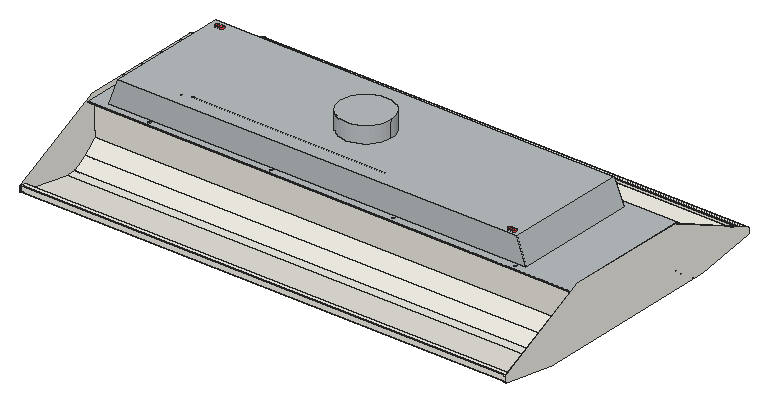
Revit family "NLRS_57_AIR_UN_induction-unit-oknv450_LT_sacs", category Mechanical Equipment, Revit 2020
Family settings
  Round Connector Dimension = Use Diameter
  Classification = None
  Part Type = Normal
  OmniClass Number = 23.75.00.00
  OmniClass Title = Climate Control (HVAC)
  Work Plane-Based = No
  Always vertical = Yes
  Cut with Voids When Loaded = No
  Shared = No
  Room Calculation Point = No
Parameters (values of type "450-1200")
  Type Comments = "Do not mirror the model!"  # constant formula
  SACS_Type_Mark [instance] = ""
  SACS_Standard_Color [instance] = yes
  SACS_Real_Width = 745.00 mm  # constant formula
  SACS_Real_Length [instance] = if(Requested length < SACS_Length_X2, SACS_Length_X2, if(Requested length > 2995.00 mm, 2995.00 mm, Requested length))  # 1195.00 mm
  SACS_Plenum_Offset = 555.00 mm
  SACS_Plenum_Material = Sendzimir verzinkt
  SACS_Plenum_L = 980.00 mm
  SACS_Option_4 [instance] = if([Flow configuration (1-3)] < 2, "2-sided", if([Flow configuration (1-3)] = 2, "1-sided left", "1-sided right"))  # "2-sided"
  SACS_Option_2 [instance] = if(Extravent, "AD", if([Nozzle plate type (1-7)] < 2, "A1", if([Nozzle plate type (1-7)] = 2, "A2", if([Nozzle plate type (1-7)] = 3, "B1", if([Nozzle plate type (1-7)] = 4, "B2", if([Nozzle plate type (1-7)] = 5, "B3", if([Nozzle plate type (1-7)] = 6, "C1", "C2")))))))  # "A1"
  SACS_Offset2 = 35.00 mm  # constant formula
  SACS_Offset1 = if(SACS_Base_Index > 2, 55.00 mm, 35.00 mm)  # 35.00 mm
  SACS_Model [instance] = size_lookup(SACS_Data_Hidden, "Model", "NB", SACS_Base_Index * 1.00 mm, SACS_Index1, SACS_Index2, SACS_Index3, SACS_Index4, SACS_Real_Width, SACS_Index5, SACS_Index6)  # "OKNV 450/1200 A1K2 TO32 OOO 745x1195 RAL9010-55"
  SACS_Length_X2 = 1090.00 mm
  SACS_Length_X [instance] = if(or(SACS_Base_Index = 1, and(not(Extravent), SACS_Base_Index < 4)), 225.00 mm, 300.00 mm)  # 225.00 mm
  SACS_Length_STD = 1195.00 mm
  SACS_Index6 [instance] = if(SACS_Standard_Color, 1.00 mm, 0.00 mm)  # 1.00 mm
  SACS_Index5 [instance] = if(SACS_Real_Length = SACS_Length_STD, SACS_Length_STD, 0.00 mm)  # 1195.00 mm
  SACS_Index4 [instance] = if([Plenum type (1-3)] < 2, 1.00 mm, if([Plenum type (1-3)] = 2, 2.00 mm, 3.00 mm))  # 1.00 mm
  SACS_Index3 [instance] = if([Flow configuration (1-3)] < 2, 1.00 mm, if([Flow configuration (1-3)] = 2, 2.00 mm, 3.00 mm))  # 1.00 mm
  SACS_Index2 [instance] = if([Heat exchanger type (1-3)] < 2, 1.00 mm, if([Heat exchanger type (1-3)] = 2, 2.00 mm, 3.00 mm))  # 1.00 mm
  SACS_Index1 [instance] = if(Extravent, 0.00 mm, if([Nozzle plate type (1-7)] < 2, 1.00 mm, if([Nozzle plate type (1-7)] > 6, 7.00 mm, [Nozzle plate type (1-7)] * 1.00 mm)))  # 1.00 mm
  SACS_Height2 [instance] = if(Extravent, 80.00 mm, 60.00 mm)  # 60.00 mm
  SACS_Height1 [instance] = if(or(and(not(Extravent), SACS_Base_Index < 4), SACS_Base_Index = 1), 265.00 mm, if(SACS_Base_Index = 5, 340.00 mm, 300.00 mm))  # 265.00 mm
  SACS_Flange_Color [instance] = RAL9010
  SACS_Face_Color [instance] = RAL9010 Perforated
  SACS_Data_Hidden [instance] = if(Extravent, "OKNV_450_Extravent", "OKNV_450_Fixed")  # "OKNV_450_Fixed"
  SACS_Custom_Color [instance] = ""
  SACS_Connector_Base_Rotation [instance] = if([Plenum type (1-3)] < 2, 90.00°, if([Plenum type (1-3)] = 2, 180.00°, 0.00°))  # 90.00°
  SACS_Connecter_Height_Offset [instance] = if([Plenum type (1-3)] > 1, (SACS_Height1 - SACS_Diameter / 2) - 2.00 mm, SACS_Height2 - 14.00 mm)  # 46.00 mm
  SACS_Color_Ral [instance] = yes
  SACS_Color [instance] = if(SACS_Standard_Color, "Ral 9010-55", SACS_Custom_Color)  # "Ral 9010-55"
  SACS_Base_Index = 1
  SACS_Article_Code [instance] = size_lookup(SACS_Data_Hidden, "", "NB", SACS_Base_Index * 1.00 mm, SACS_Index1, SACS_Index2, SACS_Index3, SACS_Index4, SACS_Real_Width, SACS_Index5, SACS_Index6)  # "NB"
  SA-Select [instance] = "https://selectietool.solid-air.nl/Dashboard/CPMDashPage/Show/6"
  NLRS_P_c04_diameter [instance] = NLRS_P_c03_diameter  # 12.00 mm
  NLRS_P_c03_volumestroom [instance] = 0.0 L/s
  NLRS_P_c03_drukverlies_statisch [instance] = 0.0 Pa
  NLRS_P_c03_diameter [instance] = 12.00 mm  # constant formula
  NLRS_P_c02_diameter [instance] = NLRS_P_c01_diameter  # 12.00 mm
  NLRS_P_c01_volumestroom [instance] = 0.0 L/s
  NLRS_P_c01_drukverlies_statisch [instance] = 0.0 Pa
  NLRS_P_c01_diameter [instance] = if(SACS_Base_Index < 3, 12.00 mm, 15.00 mm)  # 12.00 mm
  NLRS_M_c01_drukverlies_statisch [instance] = 0.0 Pa
  NLRS_M_c01_debiet [instance] = 0.0 L/s
  NLRS_C_model [instance] = SACS_Model  # "OKNV 450/1200 A1K2 TO32 OOO 745x1195 RAL9010-55"
  NLRS_C_materiaal_kleur [instance] = SACS_Color  # "Ral 9010-55"
  NLRS_C_content_versie = "3.20.01"  # constant formula
  NLRS_C_content_provider = "Solid Air Climate Solutions"  # constant formula
  NLRS_C_content_datum_uitgifte = "01-06-2023"  # constant formula
  NLRS_C_content_creator = "J. Feeke"  # constant formula
  Model = "Solid Air Induction Unit OKNV 450"  # constant formula
  Minumum length OKNI [instance] = SACS_Length_X2  # 1090.00 mm
  Manufacturer = "Solid Air Climate Solutions"  # constant formula
  LoadBearing = 1 = 0  # no
  IfcExportType = "DIFFUSER"  # constant formula
  IfcExportAs = "IfcAirTerminalType"  # constant formula
  IfcDescription = Description  # "Free hanging induction unit, Type OKNV 450"
  Heat exchanger type (1-3) [instance] = 1
  Nozzle plate type (1-7) [instance] = 1
  Plenum type (1-3) [instance] = 1
  Flow configuration (1-3) [instance] = 1
  Requested length [instance] = 1195.00 mm
  URL = "https://solid-air.nl/producten/solid-air-inductie-units-okni-450-600/"
  SACS_Option_3 [instance] = if([Heat exchanger type (1-3)] < 2, "K (cooling)", if([Heat exchanger type (1-3)] = 2, "V (cooling & heating)", "O (none)"))  # "K (cooling)"
  SACS_Option_1 [instance] = if(not(Extravent), "Fixed", "Adjustable")  # "Fixed"
  SACS_Diameter [instance] = NLRS_M_c01_diameter - 2.00 mm  # 123.00 mm
  SACS_Connection_Side [instance] = if([Plenum type (1-3)] < 2, "T (top connection)", if([Plenum type (1-3)] = 2, "L (left)", "R (right)"))  # "T (top connection)"
  SACS_Checked_Array_Count [instance] = if(SACS_Real_Length / 300.00 mm < 2, 2, SACS_Real_Length / 300.00 mm)  # 4
  NLRS_M_c01_diameter [instance] = if(SACS_Base_Index = 1, 125.00 mm, if(SACS_Base_Index = 5, 200.00 mm, if(Extravent, 160.00 mm, if(SACS_Base_Index = 4, 160.00 mm, 125.00 mm))))  # 125.00 mm
  FireRating = "00"  # constant formula
  Description = "Free hanging induction unit, Type OKNV 450"  # constant formula
  Nominal width [instance] = SACS_Real_Width + 5.00 mm  # 750.00 mm
  Nominal length [instance] = SACS_Real_Length + 5.00 mm  # 1200.00 mm
  Default Elevation = 0.00 mm
  Assembly Code = "57.00"
  Extravent [instance] = no
Types (6, lengths in mm): name | SACS_Real_Length | SACS_Plenum_Offset | SACS_Plenum_L | SACS_Offset1 | SACS_Model | SACS_Length_X2 | SACS_Length_X | SACS_Length_STD | SACS_Index5 | SACS_Height1 | SACS_Base_Index | SACS_Article_Code | NLRS_P_c02_diameter | NLRS_P_c01_diameter | NLRS_C_model | Minumum length OKNI | Requested length | SACS_Diameter | SACS_Checked_Array_Count | NLRS_M_c01_diameter | Nominal length
  (no name) | 1195.00 | 555.00 | 980.00 | 35.00 | "OKNV 450/1200 A1K2 TO32 OOO 745x1195 RAL9010-55" | 1090.00 | 225.00 | 1195.00 | 1195.00 | 265.00 | 1 | "NB" | 12.00 | 12.00 | "OKNV 450/1200 A1K2 TO32 OOO 745x1195 RAL9010-55" | 1090.00 | 1195.00 | 123.00 | 4 | 125.00 | 1200.00
  450-1200 | 1195.00 | 555.00 | 980.00 | 35.00 | "OKNV 450/1200 A1K2 TO32 OOO 745x1195 RAL9010-55" | 1090.00 | 225.00 | 1195.00 | 1195.00 | 265.00 | 1 | "NB" | 12.00 | 12.00 | "OKNV 450/1200 A1K2 TO32 OOO 745x1195 RAL9010-55" | 1090.00 | 1195.00 | 123.00 | 4 | 125.00 | 1200.00
  450-1500 | 1495.00 | 705.00 | 1280.00 | 35.00 | "OKNV 450/1500 A1K2 TO32 OOO 745x1495 RAL9010-55" | 1390.00 | 225.00 | 1495.00 | 1495.00 | 265.00 | 2 | "NB" | 12.00 | 12.00 | "OKNV 450/1500 A1K2 TO32 OOO 745x1495 RAL9010-55" | 1390.00 | 1495.00 | 123.00 | 5 | 125.00 | 1500.00
  450-1800 | 1795.00 | 840.00 | 1510.00 | 55.00 | "OKNV 450/1800 A1K2 TO32 OOO 745x1795 RAL9010-55" | 1640.00 | 225.00 | 1795.00 | 1795.00 | 265.00 | 3 | "9011000019" | 15.00 | 15.00 | "OKNV 450/1800 A1K2 TO32 OOO 745x1795 RAL9010-55" | 1640.00 | 1795.00 | 123.00 | 6 | 125.00 | 1800.00
  450-2400 | 2395.00 | 1140.00 | 2110.00 | 55.00 | "OKNV 450/2400 A1K2 TO42 OOO 745x2395 RAL9010-55" | 2240.00 | 300.00 | 2395.00 | 2395.00 | 300.00 | 4 | "9011000020" | 15.00 | 15.00 | "OKNV 450/2400 A1K2 TO42 OOO 745x2395 RAL9010-55" | 2240.00 | 2395.00 | 158.00 | 8 | 160.00 | 2400.00
  450-3000 | 2995.00 | 1440.00 | 2710.00 | 55.00 | "OKNV 450/3000 A1K2 TO52 OOO 745x2995 RAL9010-55" | 2840.00 | 300.00 | 2995.00 | 2995.00 | 340.00 | 5 | "9011000018" | 15.00 | 15.00 | "OKNV 450/3000 A1K2 TO52 OOO 745x2995 RAL9010-55" | 2840.00 | 2995.00 | 198.00 | 10 | 200.00 | 3000.00
Reference planes
  plane 1 "Center (Front/Back)": y = 0
  plane 2: z = 0
  plane 3 "Center (Left/Right)": x = 0
  plane 4 "Grid_Length_Left": x = -600
  plane 5 "Grid_Length_Right": x = 600
  plane 6 "Front": y = -372.5
  plane 7 "Line_Offset": z = 46
  plane 8 "Back": y = 372.5
  plane 9: x = -597.5
  plane 10: x = 597.5
  plane 11 "Left Holes": x = -450
  plane 12 "Hole_offset": x = -150
  plane 13 "Center_Plenum_X": x = -45
  plane 14 "Grid_Width_Back": y = 375
  plane 15 "Grid_Width_Front": y = -375
Forms (mm)
  Extrusion 1, solid, material "RAL9010 Perforated" <- "SACS_Face_Color", detail levels medium+fine
    sketch origin (-72.5, 50, 0) x (1, 0, 0) y (0, 1, 0)
      loop
        line (-524, 48.45) -> (-524, -148.45) -> (669, -148.45) -> (669, 48.45) -> (-524, 48.45)
    from 1 to 2
  Extrusion 2, solid, material "Sendzimir verzinkt" <- "SACS_Plenum_Material", detail levels medium+fine
    sketch origin (0, 0, 0) x (1, 0, 0) y (0, 1, 0)
      loop
        line (-596.5, 169.5) -> (-596.5, -169.5) -> (596.5, -169.5) -> (596.5, 169.5) -> (-596.5, 169.5)
    from 135 to 136
  Extrusion 3, solid, material "Copper", detail levels medium+fine
    sketch origin (0, 0, 0) x (1, 0, 0) y (0, 1, 0)
      loop
        circle (-565, 88) r 6
      loop
        circle (-565, 30) r 6
      loop
        circle (-565, -30) r 6
      loop
        circle (-565, -88) r 6
    from 136 to 166
  Sweep 4, solid, material "RAL9010" <- "SACS_Flange_Color", detail levels medium+fine
    path in 3D
      loop
        line (-596.5, 0, 0) -> (596.5, 0, 0)
    profile "profile Oknv_Side 450 : profile oknv_Side 450" origin (0, 0, 0) x (0, 1, 0) y (0, 0, 1)
      loop
        line (232.581, 0) -> (371.054, 24.417)
        arc (371.054, 24.417) -> (372.091, 25.015) -> (372.5, 26.14) r 1.75
        line (372.5, 26.14) -> (372.5, 38.55)
        arc (372.5, 38.55) -> (371.987, 39.787) -> (370.75, 40.3) r 1.75
        line (370.75, 40.3) -> (362.5, 40.3) -> (362.5, 39.3) -> (370.75, 39.3)
        arc (370.75, 39.3) -> (371.28, 39.08) -> (371.5, 38.55) r 0.75
        line (371.5, 38.55) -> (371.5, 26.14)
        arc (371.5, 26.14) -> (371.325, 25.658) -> (370.88, 25.401) r 0.75
        line (370.88, 25.401) -> (232.139, 0.937) -> (208.005, 0.937) -> (175.926, 20.088) -> (145.5, 47) -> (149.5, 133.991) -> (169.5, 133.991) -> (169.5, 135) -> (148.545, 135) -> (144.479, 46.568) -> (175.333, 19.277) -> (207.624, 0) -> (232.581, 0)
      loop
        line (98.45, 0.7) -> (152.05, 0.7)
        arc (152.05, 0.7) -> (153.982, 2.182) -> (153.051, 4.432) r 2
        line (153.051, 4.432) -> (117.75, 24.834)
        arc (117.75, 24.834) -> (117.384, 25.2) -> (117.25, 25.7) r 1
        line (117.25, 25.7) -> (117.25, 68.25) -> (116.25, 68.25) -> (116.25, 25.7)
        arc (116.25, 25.7) -> (116.518, 24.7) -> (117.249, 23.968) r 2
        line (117.249, 23.968) -> (152.55, 3.566)
        arc (152.55, 3.566) -> (153.016, 2.441) -> (152.05, 1.7) r 1
        line (152.05, 1.7) -> (98.45, 1.7) -> (98.45, 0.7)
      loop
        line (-98.45, 0.7) -> (-98.45, 1.7) -> (-151.767, 1.7)
        arc (-151.767, 1.7) -> (-152.733, 2.441) -> (-152.268, 3.566) r 1
        line (-152.268, 3.566) -> (-117.249, 23.968)
        arc (-117.249, 23.968) -> (-116.518, 24.7) -> (-116.25, 25.7) r 2
        line (-116.25, 25.7) -> (-116.25, 68.25) -> (-117.25, 68.25) -> (-117.25, 25.7)
        arc (-117.25, 25.7) -> (-117.384, 25.2) -> (-117.75, 24.834) r 1
        line (-117.75, 24.834) -> (-152.768, 4.432)
        arc (-152.768, 4.432) -> (-153.699, 2.182) -> (-151.767, 0.7) r 2
        line (-151.767, 0.7) -> (-98.45, 0.7)
      loop
        line (-232.581, 0) -> (-207.624, 0) -> (-175.333, 19.277) -> (-144.479, 46.568) -> (-148.545, 135) -> (-169.5, 135) -> (-169.5, 133.991) -> (-149.5, 133.991) -> (-145.5, 47) -> (-175.926, 20.088) -> (-208.005, 0.937) -> (-232.139, 0.937) -> (-370.88, 25.401)
        arc (-370.88, 25.401) -> (-371.325, 25.658) -> (-371.5, 26.14) r 0.75
        line (-371.5, 26.14) -> (-371.5, 38.55)
        arc (-371.5, 38.55) -> (-371.28, 39.08) -> (-370.75, 39.3) r 0.75
        line (-370.75, 39.3) -> (-362.5, 39.3) -> (-362.5, 40.3) -> (-370.75, 40.3)
        arc (-370.75, 40.3) -> (-371.987, 39.787) -> (-372.5, 38.55) r 1.75
        line (-372.5, 38.55) -> (-372.5, 26.14)
        arc (-372.5, 26.14) -> (-372.091, 25.015) -> (-371.054, 24.417) r 1.75
        line (-371.054, 24.417) -> (-232.581, 0)
  Extrusion 5, solid, material "Sendzimir verzinkt" <- "SACS_Plenum_Material", detail levels medium+fine
    sketch origin (-45, 0, 196) x (1, 0, 0) y (0, 1, 0)
      loop
        circle (0, 0.066) r 61.5
    from 0 to 40
Lines and regions (mm)
  model lines, style "MechanicalEquipmentHiddenLines", not visible
    curve 1: line (-596.5, 0, 0) -> (596.5, 0, 0)
  sketch lines
    curve 2: line (-596.5, 0, 0) -> (596.5, 0, 0)
  reference lines
    curve 3: line (-45, 0, 46) -> (-45, 0, 196)
Dimensions and locks
  "SACS_Connecter_Height_Offset": plane 7 "Line_Offset" to level
  equal spacing: Extrusion 3 sketch curve, plane 1 "Center (Front/Back)", Extrusion 3 sketch curve  (x2)
  locked: Extrusion 3 sketch curve to Extrusion 3 sketch curve at 60
  "SACS_Offset1": plane 4 "Grid_Length_Left" to Extrusion 3 sketch curve  (x2)
  locked: Extrusion 3 sketch curve to Extrusion 3 sketch curve at 176
  plane 1 "Center (Front/Back)" to Extrusion 1 sketch curve = 98.45 mm  (x2)
  locked: Extrusion 1 sketch curve to plane 5 "Grid_Length_Right" at 3.5
  locked: plane 4 "Grid_Length_Left" to Extrusion 1 sketch curve at 3.5
  equal spacing: plane 4 "Grid_Length_Left", plane 3 "Center (Left/Right)", plane 5 "Grid_Length_Right"
  "Nominal length": plane 4 "Grid_Length_Left" to plane 5 "Grid_Length_Right"
  locked: plane 4 "Grid_Length_Left" to plane 11 "Left Holes" at 150
  locked: plane 11 "Left Holes" to plane 12 "Hole_offset" at 300
  equal spacing: group 1, group 2, group 3, group 4  (x3)
  "SACS_Offset2": plane 4 "Grid_Length_Left" to Extrusion 3 sketch curve  (x2)
  locked: plane 4 "Grid_Length_Left" to plane 9 at 2.5
  locked: plane 10 to plane 5 "Grid_Length_Right" at 2.5
  Extrusion 2 sketch curve to plane 1 "Center (Front/Back)" to Extrusion 2 sketch curve = 169.50 mm locked, 169.50 mm locked
  locked: curve 1 to plane 5 "Grid_Length_Right" at 3.5
  locked: curve 1 to plane 4 "Grid_Length_Left" at 3.5
  "SACS_Plenum_Offset": plane 4 "Grid_Length_Left" to plane 13 "Center_Plenum_X"
  locked: curve 3 to curve 3 at 150
  locked: curve 3 to plane 7 "Line_Offset"
  locked: curve 3 to plane 1 "Center (Front/Back)"
  nested 7 to level = 196.00 mm
  equal spacing: plane 14 "Grid_Width_Back", plane 1 "Center (Front/Back)", plane 15 "Grid_Width_Front"
  "Nominal width": plane 14 "Grid_Width_Back" to plane 15 "Grid_Width_Front"
  locked: plane 14 "Grid_Width_Back" to plane 8 "Back" at 2.5
  locked: plane 6 "Front" to plane 15 "Grid_Width_Front" at 2.5
  locked: Extrusion 2 sketch curve to plane 4 "Grid_Length_Left" at 3.5
  locked: Extrusion 2 sketch curve to plane 5 "Grid_Length_Right" at 3.5
  "NLRS_P_c01_diameter": diameter of Extrusion 3 sketch curve  (x2)
  "NLRS_P_c03_diameter": diameter of Extrusion 3 sketch curve  (x2)
  "SACS_Diameter": diameter of Extrusion 5 sketch curve
  "SACS_Connector_Base_Rotation": angle curve 3 to plane 7 "Line_Offset"
  aligned and locked: level to plane 2
  aligned and locked: plane 11 "Left Holes" to nested 1
  aligned and locked: plane 12 "Hole_offset" to nested 2
  aligned and locked: plane 13 "Center_Plenum_X" to nested 7
  aligned and locked: plane 1 "Center (Front/Back)" to nested 7
  aligned and locked: plane 3 "Center (Left/Right)" to nested 8
  aligned and locked: nested 8 to plane 1 "Center (Front/Back)"
  aligned and locked: nested 5 to plane 1 "Center (Front/Back)"
  aligned and locked: nested 5 to plane 9
  aligned and locked: plane 1 "Center (Front/Back)" to nested 6
  aligned and locked: plane 10 to nested 6
Automatic sketch dimensions
  plane 1 "Center (Front/Back)" to curve 1 = 0.00 mm
  Extrusion 5 sketch curve to plane 13 "Center_Plenum_X" = 0.00 mm
  Extrusion 5 sketch curve to plane 1 "Center (Front/Back)" = 0.066 mm
Nested families
  nested 1: "Okni_hanger_holes 450" at (-450, 0, 136), type "Okni_hanger_holes"
    with Thickness 2.00 mm, Hole_R 3.00 mm, Distance 319.00 mm
  nested 2: "Okni_hanger_holes 450" at (-150, 0, 136), type "Okni_hanger_holes"
    with Thickness 2.00 mm, Hole_R 3.00 mm, Distance 319.00 mm
  nested 3: "Okni_hanger_holes 450" at (150, 0, 136), type "Okni_hanger_holes"
    with Thickness 2.00 mm, Hole_R 3.00 mm, Distance 319.00 mm
  nested 4: "Okni_hanger_holes 450" at (450, 0, 136), type "Okni_hanger_holes"
    with Thickness 2.00 mm, Hole_R 3.00 mm, Distance 319.00 mm
  nested 5: "Oknv_Sideplate 450" at (-596.5, 0, 0) x (-1, 0, 0) z (0, 0, 1), type "Oknv_Sideplate 450", detail levels medium+fine
  nested 6: "Oknv_Sideplate 450" at (596.5, 0, 0), type "Oknv_Sideplate 450", detail levels medium+fine
  nested 7: "Okni Plenum" at (-45, 0, 136), type "Okni_Plenum", detail levels medium+fine
  nested 8: "Supply_Arrows_OKNI" at (0, 0, 0) x (0, 1, 0) z (0, 0, 1), type "Supply_Arrows_OKNI"
    with Width 745.00 mm
Connectors
  hvac at (-45, 0.066, 196), driven by "NLRS_M_c01_diameter", driven by "NLRS_M_c01_drukverlies_statisch", driven by "NLRS_M_c01_debiet"
    settings: on Extrusion 5, index 1, duct flow 0.0 L/s, flow factor 0, pres drop 0.0 Pa, loss coef 0, conn angle 0.00°, conn width 304.8 mm, conn height 304.8 mm, conn diameter 125 mm, duct sys type 1, conn prof type 0, flow config 1, flow direction 1, loss method 4, conn ref index -1, conn util no, is conn primary yes, conn desc ""
  piping at (-565, 30, 166), diameter 12, driven by "NLRS_P_c01_diameter", driven by "NLRS_P_c01_volumestroom", driven by "NLRS_P_c01_drukverlies_statisch"
    settings: on Extrusion 3, index 2, connector inside diameter 609.6 mm, connector length 0.00 mm, flow factor 0, pipe flow 0.0 L/s, pressure drop 0.0 Pa, fitting loss kfactor 0, connector angle 0.00°, fixture units 0, engagement length 0.00 mm, angle of deflection 0.00°, flow configuration 1, flow direction 0, fitting loss method 4, system type 29, joint type 0, gender type 0, connector reference index -1, connector utility 0, adjustable connector no, is connector primary yes, connector description "Heating"
  piping at (-565, -30, 166), diameter 12, driven by "NLRS_P_c01_diameter", driven by "NLRS_P_c01_volumestroom", driven by "NLRS_P_c01_drukverlies_statisch"
    settings: on Extrusion 3, index 3, connector inside diameter 609.6 mm, connector length 0.00 mm, flow factor 0, pipe flow 0.0 L/s, pressure drop 0.0 Pa, fitting loss kfactor 0, connector angle 0.00°, fixture units 0, engagement length 0.00 mm, angle of deflection 0.00°, flow configuration 1, flow direction 0, fitting loss method 4, system type 29, joint type 0, gender type 0, connector reference index -1, connector utility 0, adjustable connector no, is connector primary no, connector description "Heating"
  piping at (-565, 88, 166), diameter 12, driven by "NLRS_P_c03_diameter", driven by "NLRS_P_c03_volumestroom", driven by "NLRS_P_c03_drukverlies_statisch"
    settings: on Extrusion 3, index 4, connector inside diameter 609.6 mm, connector length 0.00 mm, flow factor 0, pipe flow 0.0 L/s, pressure drop 0.0 Pa, fitting loss kfactor 0, connector angle 0.00°, fixture units 0, engagement length 0.00 mm, angle of deflection 0.00°, flow configuration 1, flow direction 0, fitting loss method 4, system type 29, joint type 0, gender type 0, connector reference index -1, connector utility 0, adjustable connector no, is connector primary no, connector description "Cooling"
  piping at (-565, -88, 166), diameter 12, driven by "NLRS_P_c03_volumestroom", driven by "NLRS_P_c03_drukverlies_statisch", driven by "NLRS_P_c03_diameter"
    settings: on Extrusion 3, index 5, connector inside diameter 609.6 mm, connector length 0.00 mm, flow factor 0, pipe flow 0.0 L/s, pressure drop 0.0 Pa, fitting loss kfactor 0, connector angle 0.00°, fixture units 0, engagement length 0.00 mm, angle of deflection 0.00°, flow configuration 1, flow direction 0, fitting loss method 4, system type 29, joint type 0, gender type 0, connector reference index -1, connector utility 0, adjustable connector no, is connector primary no, connector description "Cooling"
Definition of nested family "Oknv_Sideplate 450"
  Parameters (values of type "Okni_Sideplate 450")
    y8 = 31.50 mm  # constant formula
    y7 = 135.00 mm  # constant formula
    y6 = 16.00 mm  # constant formula
    y3 = 1.00 mm  # constant formula
    y1 = 47.00 mm  # constant formula
    x6 = 291.00 mm / 2  # 145.50 mm
    x5 = 409.00 mm / 2  # 204.50 mm
    x4 = 418.00 mm / 2  # 209.00 mm
    x3 = 431.00 mm / 2  # 215.50 mm
    x2 = 416.00 mm / 2  # 208.00 mm
    x1 = 299.00 mm / 2  # 149.50 mm
    material = none
    y2 = 40.00 mm  # constant formula
    Type_400 = yes
    Half_Width = if(Type_400, 443.00 mm, 293.00 mm) / 2  # 221.50 mm
    Default Elevation = 0.00 mm
  Reference planes
    plane 1 "Center (Front/Back)": y = 0
    plane 2: z = 0
    plane 3 "Center (Left/Right)": x = 0
  Forms (mm)
    Extrusion 1, solid, material <- "material"
      sketch origin (0, 0, 0) x (0, 1, 0) y (0, 0, 1)
        loop
          arc (372.5, 39.195) -> (372.23, 40.129) -> (371.502, 40.775) r 1.75
          line (371.502, 40.775) -> (150.3, 146) -> (-150.3, 146) -> (-371.502, 40.775)
          arc (-371.502, 40.775) -> (-372.23, 40.129) -> (-372.5, 39.195) r 1.75
          line (-372.5, 39.195) -> (-372.5, 26.14)
          arc (-372.5, 26.14) -> (-372.091, 25.015) -> (-371.054, 24.417) r 1.75
          line (-371.054, 24.417) -> (-232.581, 0) -> (232.581, 0) -> (371.054, 24.417)
          arc (371.054, 24.417) -> (372.091, 25.015) -> (372.5, 26.14) r 1.75
          line (372.5, 26.14) -> (372.5, 39.195)
      from 0 to 1
    Extrusion 2, solid, material <- "material"
      sketch origin (0, 0, 0) x (1, 0, 0) y (0, 1, 0)
        loop
          line (-13.8, 208) -> (-13.8, -208) -> (0, -208) -> (0, 208) -> (-13.8, 208)
      from 0 to 1
  Cuts and joins
    joined: Extrusion 1, Extrusion 2
  Dimensions and locks
    "x2": plane 1 "Center (Front/Back)" to Extrusion 2 sketch curve
    "x2": Extrusion 2 sketch curve to plane 1 "Center (Front/Back)"
    locked: Extrusion 2 sketch curve to plane 3 "Center (Left/Right)" at 13.8
    aligned and locked: level to plane 2
  Automatic sketch dimensions
    Extrusion 1 sketch curve to level = 0.00 mm
    level to Extrusion 1 sketch curve = 26.14 mm  (x2)
    plane 1 "Center (Front/Back)" to Extrusion 1 sketch curve = 372.50 mm
    level to Extrusion 1 sketch curve = 40.775 mm  (x2)
    Extrusion 1 sketch curve to Extrusion 1 sketch curve = 0.998 mm
    level to Extrusion 1 sketch curve = 24.417 mm  (x2)
    Extrusion 1 sketch curve to Extrusion 1 sketch curve = 1.446 mm
    Extrusion 1 sketch curve to Extrusion 1 sketch curve = 1.75 mm
    Extrusion 1 sketch curve to Extrusion 1 sketch curve = 138.473 mm
    Extrusion 1 sketch curve to plane 1 "Center (Front/Back)" = 232.581 mm
    Extrusion 1 sketch curve to Extrusion 1 sketch curve = 138.169 mm
    Extrusion 1 sketch curve to Extrusion 1 sketch curve = 0.00 mm
    Extrusion 1 sketch curve to Extrusion 1 sketch curve = 0.304 mm
    Extrusion 1 sketch curve to Extrusion 1 sketch curve = 0.752 mm
    plane 1 "Center (Front/Back)" to Extrusion 1 sketch curve = 150.30 mm
    Extrusion 1 sketch curve to plane 1 "Center (Front/Back)" = 150.30 mm
    level to Extrusion 1 sketch curve = 146.00 mm
    Extrusion 2 sketch curve to plane 3 "Center (Left/Right)" = 0.00 mm
Definition of nested family "Okni Plenum"
  Parameters (values of type "Okni_Plenum")
    material = none
    Type_Left = Connection_Type = 2  # yes
    Show_Plenum = Connection_Type > 1  # yes
    Plenum_Width = 300.00 mm
    Plenum_Top_Height = Plenum_H - 135.00 mm  # 165.00 mm
    Plenum_H = 300.00 mm
    Plenum_Base_Width = 1510.00 mm
    Plenum_Base_Height = 80.00 mm
    Plenum_Base_Angle = if(Plenum_Base_Height = 40.00 mm, 60.00°, 69.00°)  # 69.00°
    Default Elevation = 0.00 mm
    Connection_Type = 2
    B = 300.00 mm  # constant formula
    Angle_Right = if(Type_Left, 90.00°, 40.00°)  # 90.00°
    Angle_Left = if(Type_Left, 40.00°, 90.00°)  # 40.00°
  Reference planes
    plane 1 "Center (Front/Back)": y = 0
    plane 2: z = 0
    plane 3 "Center (Left/Right)": x = 0
    plane 4: y = 150
    plane 5: y = -150
    plane 6: z = 165
    plane 7: x = -150
    plane 8: x = 150
    plane 9 "left": x = -755
    plane 10: x = 755
    plane 11 "Top_Plenum": z = 80
  Forms (mm)
    Extrusion 1, solid, material <- "material", visible <- "Show_Plenum"
      sketch origin (0, 0, 40) x (0, 1, 0) y (0, 0, 1)
        loop
          line (150, 40) -> (48.701, 125) -> (-150, 125) -> (-150, 40) -> (150, 40)
      from -150 to 150
    Extrusion 2, solid, material <- "material"
      sketch origin (0, 0, 0) x (1, 0, 0) y (0, 0, 1)
        loop
          line (-755, 80) -> (-785.709, 0) -> (785.709, 0) -> (755, 80) -> (-755, 80)
      from -150 to 150
  Dimensions and locks
    plane 4 to plane 1 "Center (Front/Back)" = 150.00 mm
    plane 1 "Center (Front/Back)" to plane 5 = 150.00 mm
    equal spacing: plane 7, plane 3 "Center (Left/Right)", plane 8
    "Plenum_Width": plane 7 to plane 8
    equal spacing: plane 9 "left", plane 3 "Center (Left/Right)", plane 10
    "Plenum_Base_Width": plane 9 "left" to plane 10
    "Plenum_Base_Height": plane 11 "Top_Plenum" to level
    "Plenum_Top_Height": plane 6 to level
    equal spacing: plane 5, plane 1 "Center (Front/Back)", plane 4
    "B": plane 5 to plane 4
    locked: nested 1 to plane 10 at 22
    locked: plane 5 to nested 1 at 15
    locked: plane 9 "left" to nested 2 at 22
    locked: nested 2 to plane 4 at 15
    "Angle_Left": angle Extrusion 1 sketch curve to Extrusion 1 sketch curve
    "Angle_Right": angle Extrusion 1 sketch curve to Extrusion 1 sketch curve
    "Plenum_Base_Angle": angle Extrusion 2 sketch curve to Extrusion 2 sketch curve  (x2)
    aligned and locked: level to plane 2
    aligned and locked: plane 6 to Extrusion 1 sketch curve
    aligned and locked: plane 5 to Extrusion 1 sketch curve
    aligned and locked: plane 4 to Extrusion 1 sketch curve
    aligned and locked: Extrusion 1 to plane 7
    aligned and locked: plane 8 to Extrusion 1
    aligned and locked: plane 9 "left" to Extrusion 2 sketch curve
    aligned and locked: plane 10 to Extrusion 2 sketch curve
    aligned and locked: Extrusion 2 to plane 4
    aligned and locked: plane 5 to Extrusion 2
    aligned and locked: Extrusion 2 to plane 5
    aligned and locked: Extrusion 1 sketch curve to plane 11 "Top_Plenum"
    aligned and locked: plane 11 "Top_Plenum" to Extrusion 2 sketch curve
  Automatic sketch dimensions
    Extrusion 2 sketch curve to level = 0.00 mm
  Nested families
    nested 1: "logo_single" at (733, -135, 80), type "logo_single"
    nested 2: "logo_single" at (-733, 135, 80) x (-1, 0, 0) z (0, 0, 1), type "logo_single"
  Definition of nested family "logo_single"
    Parameters (values of type "logo_single")
      t = 5.00 mm
      Model = "LOD 400"
      Description = "Model type"
      Default Elevation = 1219.20 mm
    Reference planes
      plane 1 "Center (Front/Back)": y = 0
      plane 2: z = 0
      plane 3 "Center (Left/Right)": x = 0
      plane 4: z = 2
      plane 5: x = -10
      plane 6: y = -5
      plane 7: y = 5
      plane 8: x = -5
      plane 9: x = 5
      plane 10: x = 10
    Forms (mm)
      Extrusion 1, solid
        sketch origin (-547.644, -297.937, 0) x (1, 0, 0) y (0, 1, 0)
          loop
            arc (542.644, 302.937) -> (537.644, 297.937) -> (542.644, 292.937) r 5
            line (542.644, 292.937) -> (542.644, 297.937) -> (547.644, 292.937) -> (547.644, 297.937) -> (542.644, 302.937)
        from 0 to 2
      Extrusion 2, solid
        sketch origin (0, 0, 0) x (1, 0, 0) y (0, 1, 0)
          loop
            arc (5, -5) -> (10, 0) -> (5, 5) r 5
            line (5, 5) -> (5, 0) -> (0, 5) -> (0, 0) -> (5, -5)
        from 0 to 2
    Dimensions and locks
      "t": plane 7 to plane 1 "Center (Front/Back)"
      "t": plane 6 to plane 1 "Center (Front/Back)"
      "t": plane 5 to plane 8
      "t": plane 8 to plane 3 "Center (Left/Right)"
      "t": plane 3 "Center (Left/Right)" to plane 9
      "t": plane 9 to plane 10
      aligned and locked: level to plane 2
      aligned and locked: plane 4 to Extrusion 1
    Automatic sketch dimensions
      plane 1 "Center (Front/Back)" to Extrusion 1 sketch curve = 0.00 mm  (x3)
      Extrusion 1 sketch curve to plane 8 = 0.00 mm
      Extrusion 1 sketch curve to plane 7 = 0.00 mm
      Extrusion 1 sketch curve to plane 3 "Center (Left/Right)" = 0.00 mm
      Extrusion 1 sketch curve to plane 6 = 0.00 mm
      Extrusion 2 sketch curve to plane 3 "Center (Left/Right)" = 0.00 mm
      plane 1 "Center (Front/Back)" to Extrusion 2 sketch curve = 0.00 mm  (x3)
      Extrusion 2 sketch curve to plane 6 = 0.00 mm
      Extrusion 2 sketch curve to plane 9 = 0.00 mm
      Extrusion 2 sketch curve to plane 7 = 0.00 mm
Definition of nested family "Supply_Arrows_OKNI"
  Parameters (values of type "Supply_Arrows_OKNI")
    Width = 295.00 mm
    Right = not(Flow Type = 2)  # yes
    Offset = (Length - ((Count - 1) * 300.00 mm)) / 2  # 147.50 mm
    Length = 1195.00 mm
    Left = Flow Type < 3  # yes
    Flow Type = 1
    Enabled = yes
    Count = rounddown((Length - 150.00 mm) / 300.00 mm) + 1  # 4
  Reference planes
    plane 1 "Center (Front/Back)": y = 0
    plane 2: z = 0
    plane 3 "Center (Left/Right)": x = 0
    plane 4: y = 597.5
    plane 5: y = 0
    plane 6: y = -597.5
    plane 7: x = 0
    plane 8: y = 0
    plane 9 "left": x = -147.5
    plane 10 "right": x = 147.5
  Lines and regions (mm)
    detail lines, in view "Ref. Level", detail levels coarse
      curve 1: line (147.5, 597.5, 0) -> (-147.5, 597.5, 0)
      curve 2: line (147.5, -597.5, 0) -> (147.5, 597.5, 0)
      curve 3: line (-147.5, -597.5, 0) -> (147.5, -597.5, 0)
      curve 4: line (-147.5, 597.5, 0) -> (-147.5, -597.5, 0)
      curve 5: line (-147.5, 597.5, 0) -> (147.5, -597.5, 0)
      curve 6: line (147.5, 597.5, 0) -> (-147.5, -597.5, 0)
  Dimensions and locks
    locked: plane 3 "Center (Left/Right)" to plane 7
    equal spacing: plane 4, plane 1 "Center (Front/Back)", plane 6
    "Length": plane 4 to plane 6
    equal spacing: plane 9 "left", plane 3 "Center (Left/Right)", plane 10 "right"
    "Width": plane 9 "left" to plane 10 "right"
    locked: plane 10 "right" to nested 1 at 25
    locked: nested 2 to plane 9 "left" at 25
    "Offset": nested 1 to plane 6
    equal spacing: group 1, group 2, group 3, group 4  (x3)
    locked: nested 1 to nested 3 at 300
    locked: plane 10 "right" to nested 3 at 25
    "Offset": nested 2 to plane 6
    equal spacing: group 5, group 6, group 7, group 8  (x3)
    locked: nested 6 to nested 2 at 300
    locked: nested 6 to plane 9 "left" at 25
    aligned and locked: plane 4 to curve 1
    aligned and locked: curve 3 to plane 6
    aligned and locked: curve 4 to plane 9 "left"
    aligned and locked: plane 6 to curve 2
    aligned and locked: plane 10 "right" to curve 2
  Nested families
    nested 1: "Arrow" at (172.5, -450, 0), visible <- "Right", type "Arrow", in view "Ref. Level"
    nested 2: "Arrow" at (-172.5, -450, 0) x (-1, 0, 0) z (0, 0, 1), visible <- "Left", type "Arrow", in view "Ref. Level"
    nested 3: "Arrow" at (172.5, -150, 0), visible <- "Right", type "Arrow", in view "Ref. Level"
    nested 4: "Arrow" at (172.5, 150, 0), visible <- "Right", type "Arrow", in view "Ref. Level"
    nested 5: "Arrow" at (172.5, 450, 0), visible <- "Right", type "Arrow", in view "Ref. Level"
    nested 6: "Arrow" at (-172.5, -150, 0) x (-1, 0, 0) z (0, 0, 1), visible <- "Left", type "Arrow", in view "Ref. Level"
    nested 7: "Arrow" at (-172.5, 150, 0) x (-1, 0, 0) z (0, 0, 1), visible <- "Left", type "Arrow", in view "Ref. Level"
    nested 8: "Arrow" at (-172.5, 450, 0) x (-1, 0, 0) z (0, 0, 1), visible <- "Left", type "Arrow", in view "Ref. Level"
  Definition of nested family "Arrow"
    Parameters (values of type "Arrow")
      Offset = 400.00 mm
      Arrow_Length = 175.00 mm  # constant formula
    Reference planes
      plane 1 "Center (Front/Back)": y = 0
      plane 2: z = 0
      plane 3 "Center (Left/Right)": x = 0
      plane 4: x = 175
      plane 5: y = 0
      plane 6: x = 175
      plane 7: x = 0
      plane 8: y = 0
    Lines and regions (mm)
      Filled region 1, type "Solid Fill - Black", in view "Ref. Level"
        outline origin (0, 0, 0) x (0, -1, 0) y (1, 0, 0)
          loop
            line (0, 175) -> (-21.131, 129.685) -> (21.131, 129.685) -> (0, 175)
      detail lines, in view "Ref. Level"
        curve 1: line (0, 0, 0) -> (152.343, 0, 0)
    Dimensions and locks
      locked: plane 3 "Center (Left/Right)" to plane 7
      locked: plane 8 to plane 1 "Center (Front/Back)" at 0
      locked: Filled region 1 sketch curve to Filled region 1 sketch curve at 50  (x2)
      "Arrow_Length": plane 3 "Center (Left/Right)" to plane 6
      locked: Filled region 1 sketch curve to curve 1 (angle 25.00°)
      locked: curve 1 to Filled region 1 sketch curve (angle 25.00°)
    Automatic sketch dimensions
      plane 1 "Center (Front/Back)" to Filled region 1 sketch curve = 0.00 mm
      Filled region 1 sketch curve to plane 4 = 45.315 mm
      plane 1 "Center (Front/Back)" to curve 1 = 0.00 mm
      curve 1 to plane 3 "Center (Left/Right)" = 0.00 mm
      curve 1 to plane 4 = 22.657 mm
